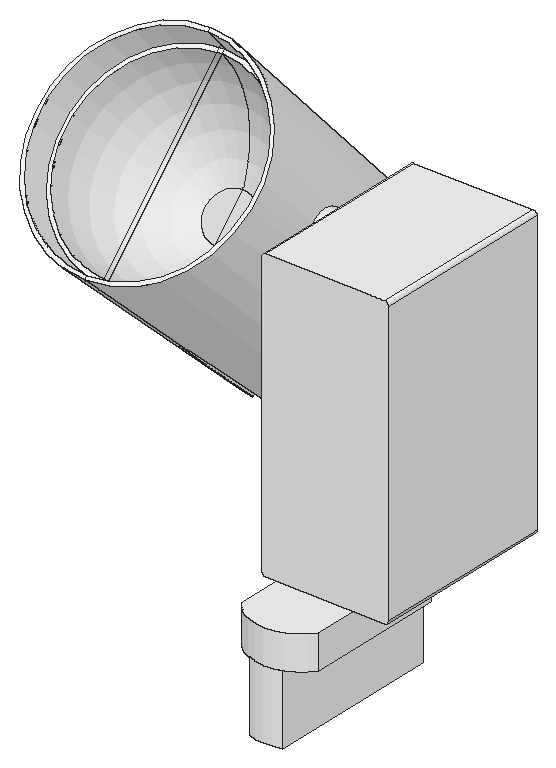
Revit family "0004934 Feilo Sylvania Lighting Fixture START TRACK SPOT S DALI 2087LM 940 WB WHT", category Lighting Fixtures, host Face, Revit 2017 (continued)
Definition of nested family "Start Track Spot Head"
  Types (96, lengths in mm): name | Wattage | built-in parameter 1150134 | Photometric Web File | Model | built-in parameter 1150105 | Lumens | built-in parameter 1150107 | built-in parameter 1150106 | HeadThickness_FEILO | HeadRibOffset_FEILO | HeadRibDepth_FEILO | HeadRibCutWidth_FEILO | HeadRibCutOffset_FEILO | HeadReflectorRadius_FEILO | HeadReflectorOffset_FEILO | HeadLEDRadius_FEILO | HeadHeight_FEILO | HeadDiffusorOffset_FEILO | HeadDiaOut_FEILO | HeadDiaIn_FEILO | HeadAxisFromTop_FEILO | Emit from Circle Diameter | built-in parameter 1150104 | Description | Apparent Load
    0004864 START TRACK SPOT S 24W 3K RA90 WB WHITE | 24 W | (empty or 0) | "0004864.ies" | "START TRACK SPOT S 24W 3K RA90 WB WHITE" | 152.79 (stored number, unit not read) | 1920 lm | 3000 (stored number, unit not read) | 1.5279 (stored number, unit not read) | 1.5 | 4.179 | 55.714 | 7.167 | 50.87 | 50.588 | 55.714 | 9.556 | 117 | 9.435 | 86 | 77.477 | 69.354 | 77.477 | 7.4322 (stored number, unit not read) | "Integrated LED spotlight, Textured White - RAL9016, compact and minimalist design, ideal for retail applications, die-cast aluminium body, passive cooling heatsink. Beam angle: 64°, color temperature: 3000K , total system power: 24W, total fixture output: 1928 lm, LOR: 100%, colour rendering: Ra: 90 typical, LED Chromaticity: 3 step MacAdam ellipse, lifetime: >50000 hours at L70B50, energy class: A++, A+, A, IR/UV free light source without heat radiation, operating voltage: 220-240V / 50-60Hz, drive current: 600mA, electronic driver, non-dimmable, power factor: 0.95, electrical protection: Class II, Global Track 3 Phase adapter suitable for Global trac 3-circuit tracks, ingress protection rating: IP20, suitable for internal environment only, horizontal rotation: 355°, vertical tilt: 90°, dimensions: Ø86x140x200, weight: 0.966kg." | 24 VA
    0004863 START TRACK SPOT S 24W 3K RA90 MB WHITE | 24 W | (empty or 0) | "0004863.ies" | "START TRACK SPOT S 24W 3K RA90 MB WHITE" | 154.7 (stored number, unit not read) | 1944 lm | 3000 (stored number, unit not read) | 1.547 (stored number, unit not read) | 1.5 | 4.179 | 55.714 | 7.167 | 50.87 | 50.588 | 55.714 | 9.556 | 117 | 9.435 | 86 | 77.477 | 69.354 | 77.477 | 7.5251 (stored number, unit not read) | "Integrated LED spotlight, Textured White - RAL9016, compact and minimalist design, ideal for retail applications, die-cast aluminium body, passive cooling heatsink. Beam angle: 36°, color temperature: 3000K , total system power: 24W, total fixture output: 1944 lm, LOR: 100%, colour rendering: Ra: 90 typical, LED Chromaticity: 3 step MacAdam ellipse, lifetime: >50000 hours at L70B50, energy class: A++, A+, A, IR/UV free light source without heat radiation, operating voltage: 220-240V / 50-60Hz, drive current: 600mA, electronic driver, non-dimmable, power factor: 0.95, electrical protection: Class II, Global Track 3 Phase adapter suitable for Global trac 3-circuit tracks, ingress protection rating: IP20, suitable for internal environment only, horizontal rotation: 355°, vertical tilt: 90°, dimensions: Ø86x140x200, weight: 0.966kg." | 24 VA
    0004862 START TRACK SPOT S 24W 3K RA90 NB WHITE | 24 W | (empty or 0) | "0004862.ies" | "START TRACK SPOT S 24W 3K RA90 NB WHITE" | 158.52 (stored number, unit not read) | 1992 lm | 3000 (stored number, unit not read) | 1.5852 (stored number, unit not read) | 1.5 | 4.179 | 55.714 | 7.167 | 50.87 | 50.588 | 55.714 | 9.556 | 117 | 9.435 | 86 | 77.477 | 69.354 | 77.477 | 7.711 (stored number, unit not read) | "Integrated LED spotlight, Textured White - RAL9016, compact and minimalist design, ideal for retail applications, die-cast aluminium body, passive cooling heatsink. Beam angle: 12°, color temperature: 3000K , total system power: 24W, total fixture output: 1987 lm, LOR: 100%, colour rendering: Ra: 90 typical, LED Chromaticity: 3 step MacAdam ellipse, lifetime: >50000 hours at L70B50, energy class: A++, A+, A, IR/UV free light source without heat radiation, operating voltage: 220-240V / 50-60Hz, drive current: 600mA, electronic driver, non-dimmable, power factor: 0.95, electrical protection: Class II, Global Track 3 Phase adapter suitable for Global trac 3-circuit tracks, ingress protection rating: IP20, suitable for internal environment only, horizontal rotation: 355°, vertical tilt: 90°, dimensions: Ø86x140x200, weight: 0.966kg." | 24 VA
    0004861 START TRACK SPOT S 14W 3K RA90 WB WHITE | 14 W | (empty or 0) | "0004861.ies" | "START TRACK SPOT S 14W 3K RA90 WB WHITE" | 100.27 (stored number, unit not read) | 1260 lm | 3000 (stored number, unit not read) | 1.0027 (stored number, unit not read) | 1.5 | 4.179 | 55.714 | 7.167 | 50.87 | 50.588 | 55.714 | 9.556 | 117 | 9.435 | 86 | 77.477 | 69.354 | 77.477 | 8.3613 (stored number, unit not read) | "Integrated LED spotlight, Textured White - RAL9016, compact and minimalist design, ideal for retail applications, die-cast aluminium body, passive cooling heatsink. Beam angle: 64°, color temperature: 3000K , total system power: 14W, total fixture output: 1262 lm, LOR: 100%, colour rendering: Ra: 90 typical, LED Chromaticity: 3 step MacAdam ellipse, lifetime: >50000 hours at L70B50, energy class: A++, A+, A, IR/UV free light source without heat radiation, operating voltage: 220-240V / 50-60Hz, drive current: 350mA, electronic driver, non-dimmable, power factor: 0.92, electrical protection: Class II, Global Track 3 Phase adapter suitable for Global trac 3-circuit tracks, ingress protection rating: IP20, suitable for internal environment only, horizontal rotation: 355°, vertical tilt: 90°, dimensions: Ø86x140x200, weight: 0.940kg." | 14 VA
    0004860 START TRACK SPOT S 14W 3K RA90 MB WHITE | 14 W | (empty or 0) | "0004860.ies" | "START TRACK SPOT S 14W 3K RA90 MB WHITE" | 100.27 (stored number, unit not read) | 1260 lm | 3000 (stored number, unit not read) | 1.0027 (stored number, unit not read) | 1.5 | 4.179 | 55.714 | 7.167 | 50.87 | 50.588 | 55.714 | 9.556 | 117 | 9.435 | 86 | 77.477 | 69.354 | 77.477 | 8.3613 (stored number, unit not read) | "Integrated LED spotlight, Textured White - RAL9016, compact and minimalist design, ideal for retail applications, die-cast aluminium body, passive cooling heatsink. Beam angle: 36°, color temperature: 3000K , total system power: 14W, total fixture output: 1262 lm, LOR: 100%, colour rendering: Ra: 90 typical, LED Chromaticity: 3 step MacAdam ellipse, lifetime: >50000 hours at L70B50, energy class: A++, A+, A, IR/UV free light source without heat radiation, operating voltage: 220-240V / 50-60Hz, drive current: 350mA, electronic driver, non-dimmable, power factor: 0.92, electrical protection: Class II, Global Track 3 Phase adapter suitable for Global trac 3-circuit tracks, ingress protection rating: IP20, suitable for internal environment only, horizontal rotation: 355°, vertical tilt: 90°, dimensions: Ø86x140x200, weight: 0.940kg." | 14 VA
    0004859 START TRACK SPOT S 14W 3K RA90 NB WHITE | 14 W | (empty or 0) | "0004859.ies" | "START TRACK SPOT S 14W 3K RA90 NB WHITE" | 102.5 (stored number, unit not read) | 1288 lm | 3000 (stored number, unit not read) | 1.025 (stored number, unit not read) | 1.5 | 4.179 | 55.714 | 7.167 | 50.87 | 50.588 | 55.714 | 9.556 | 117 | 9.435 | 86 | 77.477 | 69.354 | 77.477 | 8.5471 (stored number, unit not read) | "Integrated LED spotlight, Textured White - RAL9016, compact and minimalist design, ideal for retail applications, die-cast aluminium body, passive cooling heatsink. Beam angle: 12°, color temperature: 3000K , total system power: 14W, total fixture output: 1284 lm, LOR: 100%, colour rendering: Ra: 90 typical, LED Chromaticity: 3 step MacAdam ellipse, lifetime: >50000 hours at L70B50, energy class: A++, A+, A, IR/UV free light source without heat radiation, operating voltage: 220-240V / 50-60Hz, drive current: 350mA, electronic driver, non-dimmable, power factor: 0.92, electrical protection: Class II, Global Track 3 Phase adapter suitable for Global trac 3-circuit tracks, ingress protection rating: IP20, suitable for internal environment only, horizontal rotation: 355°, vertical tilt: 90°, dimensions: Ø86x140x200, weight: 0.940kg." | 14 VA
    0004858 START TRACK SPOT L 55W 4K RA80 WB BLACK | 55 W | 12 | "0004858.ies" | "START TRACK SPOT L 55W 4K RA80 WB BLACK" | 424.55 (stored number, unit not read) | 5335 lm | 4000 (stored number, unit not read) | 4.2455 (stored number, unit not read) | 2 | 4.429 | 59.048 | 9.417 | 53.913 | 66.471 | 59.048 | 12.556 | 124 | 10 | 113 | 101.802 | 73.503 | 101.802 | 9.0116 (stored number, unit not read) | "Integrated LED spotlight, Textured Black - RAL9005, compact and minimalist design, ideal for retail applications, die-cast aluminium body, passive cooling heatsink. Beam angle: 52°, color temperature: 4000K , total system power: 55W, total fixture output: 5320 lm, LOR: 100%, colour rendering: Ra: 80 typical, LED Chromaticity: 3 step MacAdam ellipse, lifetime: >50000 hours at L70B50, energy class: A++, A+, A, IR/UV free light source without heat radiation, operating voltage: 220-240V / 50-60Hz, drive current: 1400mA, electronic driver, non-dimmable, power factor: 0.96, electrical protection: Class II, Global Track 3 Phase adapter suitable for Global trac 3-circuit tracks, ingress protection rating: IP20, suitable for internal environment only, horizontal rotation: 355°, vertical tilt: 90°, dimensions: Ø113x164x240, weight: 1.398kg." | 55 VA
    0004857 START TRACK SPOT L 55W 4K RA80 MB BLACK | 55 W | 12 | "0004857.ies" | "START TRACK SPOT L 55W 4K RA80 MB BLACK" | 428.92 (stored number, unit not read) | 5390 lm | 4000 (stored number, unit not read) | 4.2892 (stored number, unit not read) | 2 | 4.429 | 59.048 | 9.417 | 53.913 | 66.471 | 59.048 | 12.556 | 124 | 10 | 113 | 101.802 | 73.503 | 101.802 | 9.1045 (stored number, unit not read) | "Integrated LED spotlight, Textured Black - RAL9005, compact and minimalist design, ideal for retail applications, die-cast aluminium body, passive cooling heatsink. Beam angle: 38°, color temperature: 4000K , total system power: 55W, total fixture output: 5378 lm, LOR: 100%, colour rendering: Ra: 80 typical, LED Chromaticity: 3 step MacAdam ellipse, lifetime: >50000 hours at L70B50, energy class: A++, A+, A, IR/UV free light source without heat radiation, operating voltage: 220-240V / 50-60Hz, drive current: 1400mA, electronic driver, non-dimmable, power factor: 0.96, electrical protection: Class II, Global Track 3 Phase adapter suitable for Global trac 3-circuit tracks, ingress protection rating: IP20, suitable for internal environment only, horizontal rotation: 355°, vertical tilt: 90°, dimensions: Ø113x164x240, weight: 1.398kg." | 55 VA
    0004856 START TRACK SPOT L 55W 4K RA80 NB BLACK | 55 W | 12 | "0004856.ies" | "START TRACK SPOT L 55W 4K RA80 NB BLACK" | 433.3 (stored number, unit not read) | 5445 lm | 4000 (stored number, unit not read) | 4.333 (stored number, unit not read) | 2 | 4.429 | 59.048 | 9.417 | 53.913 | 66.471 | 59.048 | 12.556 | 124 | 10 | 113 | 101.802 | 73.503 | 101.802 | 9.1974 (stored number, unit not read) | "Integrated LED spotlight, Textured Black - RAL9005, compact and minimalist design, ideal for retail applications, die-cast aluminium body, passive cooling heatsink. Beam angle: 15°, color temperature: 4000K , total system power: 55W, total fixture output: 5426 lm, LOR: 100%, colour rendering: Ra: 80 typical, LED Chromaticity: 3 step MacAdam ellipse, lifetime: >50000 hours at L70B50, energy class: A++, A+, A, IR/UV free light source without heat radiation, operating voltage: 220-240V / 50-60Hz, drive current: 1400mA, electronic driver, non-dimmable, power factor: 0.96, electrical protection: Class II, Global Track 3 Phase adapter suitable for Global trac 3-circuit tracks, ingress protection rating: IP20, suitable for internal environment only, horizontal rotation: 355°, vertical tilt: 90°, dimensions: Ø113x164x240, weight: 1.398kg." | 55 VA
    0004855 START TRACK SPOT L 35W 4K RA80 WB BLACK | 35 W | 12 | "0004855.ies" | "START TRACK SPOT L 35W 4K RA80 WB BLACK" | 320.3 (stored number, unit not read) | 4025 lm | 4000 (stored number, unit not read) | 3.203 (stored number, unit not read) | 2 | 4.429 | 59.048 | 9.417 | 53.913 | 66.471 | 59.048 | 12.556 | 124 | 10 | 113 | 101.802 | 73.503 | 101.802 | 10.684 (stored number, unit not read) | "Integrated LED spotlight, Textured Black - RAL9005, compact and minimalist design, ideal for retail applications, die-cast aluminium body, passive cooling heatsink. Beam angle: 52°, color temperature: 4000K , total system power: 35W, total fixture output: 4010 lm, LOR: 100%, colour rendering: Ra: 80 typical, LED Chromaticity: 3 step MacAdam ellipse, lifetime: >50000 hours at L70B50, energy class: A++, A+, A, IR/UV free light source without heat radiation, operating voltage: 220-240V / 50-60Hz, drive current: 900mA, electronic driver, non-dimmable, power factor: 0.93, electrical protection: Class II, Global Track 3 Phase adapter suitable for Global trac 3-circuit tracks, ingress protection rating: IP20, suitable for internal environment only, horizontal rotation: 355°, vertical tilt: 90°, dimensions: Ø113x164x240, weight: 1.368kg." | 35 VA
    0004854 START TRACK SPOT L 35W 4K RA80 MB BLACK | 35 W | 12 | "0004854.ies" | "START TRACK SPOT L 35W 4K RA80 MB BLACK" | 320.3 (stored number, unit not read) | 4025 lm | 4000 (stored number, unit not read) | 3.203 (stored number, unit not read) | 2 | 4.429 | 59.048 | 9.417 | 53.913 | 66.471 | 59.048 | 12.556 | 124 | 10 | 113 | 101.802 | 73.503 | 101.802 | 10.684 (stored number, unit not read) | "Integrated LED spotlight, Textured Black - RAL9005, compact and minimalist design, ideal for retail applications, die-cast aluminium body, passive cooling heatsink. Beam angle: 38°, color temperature: 4000K , total system power: 35W, total fixture output: 4017 lm, LOR: 100%, colour rendering: Ra: 80 typical, LED Chromaticity: 3 step MacAdam ellipse, lifetime: >50000 hours at L70B50, energy class: A++, A+, A, IR/UV free light source without heat radiation, operating voltage: 220-240V / 50-60Hz, drive current: 900mA, electronic driver, non-dimmable, power factor: 0.93, electrical protection: Class II, Global Track 3 Phase adapter suitable for Global trac 3-circuit tracks, ingress protection rating: IP20, suitable for internal environment only, horizontal rotation: 355°, vertical tilt: 90°, dimensions: Ø113x164x240, weight: 1.368kg." | 35 VA
    0004853 START TRACK SPOT L 35W 4K RA80 NB BLACK | 35 W | 12 | "0004853.ies" | "START TRACK SPOT L 35W 4K RA80 NB BLACK" | 331.44 (stored number, unit not read) | 4165 lm | 4000 (stored number, unit not read) | 3.3144 (stored number, unit not read) | 2 | 4.429 | 59.048 | 9.417 | 53.913 | 66.471 | 59.048 | 12.556 | 124 | 10 | 113 | 101.802 | 73.503 | 101.802 | 11.055 (stored number, unit not read) | "Integrated LED spotlight, Textured Black - RAL9005, compact and minimalist design, ideal for retail applications, die-cast aluminium body, passive cooling heatsink. Beam angle: 15°, color temperature: 4000K , total system power: 35W, total fixture output: 4174 lm, LOR: 100%, colour rendering: Ra: 80 typical, LED Chromaticity: 3 step MacAdam ellipse, lifetime: >50000 hours at L70B50, energy class: A++, A+, A, IR/UV free light source without heat radiation, operating voltage: 220-240V / 50-60Hz, drive current: 900mA, electronic driver, non-dimmable, power factor: 0.93, electrical protection: Class II, Global Track 3 Phase adapter suitable for Global trac 3-circuit tracks, ingress protection rating: IP20, suitable for internal environment only, horizontal rotation: 355°, vertical tilt: 90°, dimensions: Ø113x164x240, weight: 1.368kg." | 35 VA
    0004852 START TRACK SPOT S 24W 4K RA80 WB BLACK | 24 W | 12 | "0004852.ies" | "START TRACK SPOT S 24W 4K RA80 WB BLACK" | 196.72 (stored number, unit not read) | 2472 lm | 4000 (stored number, unit not read) | 1.9672 (stored number, unit not read) | 1.5 | 4.179 | 55.714 | 7.167 | 50.87 | 50.588 | 55.714 | 9.556 | 117 | 9.435 | 86 | 77.477 | 69.354 | 77.477 | 9.569 (stored number, unit not read) | "Integrated LED spotlight, Textured Black - RAL9005, compact and minimalist design, ideal for retail applications, die-cast aluminium body, passive cooling heatsink. Beam angle: 64°, color temperature: 4000K , total system power: 24W, total fixture output: 2476 lm, LOR: 100%, colour rendering: Ra: 80 typical, LED Chromaticity: 3 step MacAdam ellipse, lifetime: >50000 hours at L70B50, energy class: A++, A+, A, IR/UV free light source without heat radiation, operating voltage: 220-240V / 50-60Hz, drive current: 600mA, electronic driver, non-dimmable, power factor: 0.95, electrical protection: Class II, Global Track 3 Phase adapter suitable for Global trac 3-circuit tracks, ingress protection rating: IP20, suitable for internal environment only, horizontal rotation: 355°, vertical tilt: 90°, dimensions: Ø86x140x200, weight: 0.966kg." | 24 VA
    0004851 START TRACK SPOT S 24W 4K RA80 MB BLACK | 24 W | 12 | "0004851.ies" | "START TRACK SPOT S 24W 4K RA80 MB BLACK" | 198.63 (stored number, unit not read) | 2496 lm | 4000 (stored number, unit not read) | 1.9863 (stored number, unit not read) | 1.5 | 4.179 | 55.714 | 7.167 | 50.87 | 50.588 | 55.714 | 9.556 | 117 | 9.435 | 86 | 77.477 | 69.354 | 77.477 | 9.6619 (stored number, unit not read) | "Integrated LED spotlight, Textured Black - RAL9005, compact and minimalist design, ideal for retail applications, die-cast aluminium body, passive cooling heatsink. Beam angle: 36°, color temperature: 4000K , total system power: 24W, total fixture output: 2487 lm, LOR: 100%, colour rendering: Ra: 80 typical, LED Chromaticity: 3 step MacAdam ellipse, lifetime: >50000 hours at L70B50, energy class: A++, A+, A, IR/UV free light source without heat radiation, operating voltage: 220-240V / 50-60Hz, drive current: 600mA, electronic driver, non-dimmable, power factor: 0.95, electrical protection: Class II, Global Track 3 Phase adapter suitable for Global trac 3-circuit tracks, ingress protection rating: IP20, suitable for internal environment only, horizontal rotation: 355°, vertical tilt: 90°, dimensions: Ø86x140x200, weight: 0.966kg." | 24 VA
    0004850 START TRACK SPOT S 24W 4K RA80 NB BLACK | 24 W | 12 | "0004850.ies" | "START TRACK SPOT S 24W 4K RA80 NB BLACK" | 200.54 (stored number, unit not read) | 2520 lm | 4000 (stored number, unit not read) | 2.0054 (stored number, unit not read) | 1.5 | 4.179 | 55.714 | 7.167 | 50.87 | 50.588 | 55.714 | 9.556 | 117 | 9.435 | 86 | 77.477 | 69.354 | 77.477 | 9.7548 (stored number, unit not read) | "Integrated LED spotlight, Textured Black - RAL9005, compact and minimalist design, ideal for retail applications, die-cast aluminium body, passive cooling heatsink. Beam angle: 12°, color temperature: 4000K , total system power: 24W, total fixture output: 2529 lm, LOR: 100%, colour rendering: Ra: 80 typical, LED Chromaticity: 3 step MacAdam ellipse, lifetime: >50000 hours at L70B50, energy class: A++, A+, A, IR/UV free light source without heat radiation, operating voltage: 220-240V / 50-60Hz, drive current: 600mA, electronic driver, non-dimmable, power factor: 0.95, electrical protection: Class II, Global Track 3 Phase adapter suitable for Global trac 3-circuit tracks, ingress protection rating: IP20, suitable for internal environment only, horizontal rotation: 355°, vertical tilt: 90°, dimensions: Ø86x140x200, weight: 0.966kg." | 24 VA
    0004849 START TRACK SPOT S 14W 4K RA80 WB BLACK | 14 W | 12 | "0004849.ies" | "START TRACK SPOT S 14W 4K RA80 WB BLACK" | 123.66 (stored number, unit not read) | 1554 lm | 4000 (stored number, unit not read) | 1.2366 (stored number, unit not read) | 1.5 | 4.179 | 55.714 | 7.167 | 50.87 | 50.588 | 55.714 | 9.556 | 117 | 9.435 | 86 | 77.477 | 69.354 | 77.477 | 10.312 (stored number, unit not read) | "Integrated LED spotlight, Textured Black - RAL9005, compact and minimalist design, ideal for retail applications, die-cast aluminium body, passive cooling heatsink. Beam angle: 64°, color temperature: 4000K , total system power: 14W, total fixture output: 1558 lm, LOR: 100%, colour rendering: Ra: 80 typical, LED Chromaticity: 3 step MacAdam ellipse, lifetime: >50000 hours at L70B50, energy class: A++, A+, A, IR/UV free light source without heat radiation, operating voltage: 220-240V / 50-60Hz, drive current: 350mA, electronic driver, non-dimmable, power factor: 0.92, electrical protection: Class II, Global Track 3 Phase adapter suitable for Global trac 3-circuit tracks, ingress protection rating: IP20, suitable for internal environment only, horizontal rotation: 355°, vertical tilt: 90°, dimensions: Ø86x140x200, weight: 0.940kg." | 14 VA
    0004848 START TRACK SPOT S 14W 4K RA80 MB BLACK | 14 W | 12 | "0004848.ies" | "START TRACK SPOT S 14W 4K RA80 MB BLACK" | 127.01 (stored number, unit not read) | 1596 lm | 4000 (stored number, unit not read) | 1.2701 (stored number, unit not read) | 1.5 | 4.179 | 55.714 | 7.167 | 50.87 | 50.588 | 55.714 | 9.556 | 117 | 9.435 | 86 | 77.477 | 69.354 | 77.477 | 10.591 (stored number, unit not read) | "Integrated LED spotlight, Textured Black - RAL9005, compact and minimalist design, ideal for retail applications, die-cast aluminium body, passive cooling heatsink. Beam angle: 36°, color temperature: 4000K , total system power: 14W, total fixture output: 1598 lm, LOR: 100%, colour rendering: Ra: 80 typical, LED Chromaticity: 3 step MacAdam ellipse, lifetime: >50000 hours at L70B50, energy class: A++, A+, A, IR/UV free light source without heat radiation, operating voltage: 220-240V / 50-60Hz, drive current: 350mA, electronic driver, non-dimmable, power factor: 0.92, electrical protection: Class II, Global Track 3 Phase adapter suitable for Global trac 3-circuit tracks, ingress protection rating: IP20, suitable for internal environment only, horizontal rotation: 355°, vertical tilt: 90°, dimensions: Ø86x140x200, weight: 0.940kg." | 14 VA
    0004847 START TRACK SPOT S 14W 4K RA80 NB BLACK | 14 W | 12 | "0004847.ies" | "START TRACK SPOT S 14W 4K RA80 NB BLACK" | 128.12 (stored number, unit not read) | 1610 lm | 4000 (stored number, unit not read) | 1.2812 (stored number, unit not read) | 1.5 | 4.179 | 55.714 | 7.167 | 50.87 | 50.588 | 55.714 | 9.556 | 117 | 9.435 | 86 | 77.477 | 69.354 | 77.477 | 10.684 (stored number, unit not read) | "Integrated LED spotlight, Textured Black - RAL9005, compact and minimalist design, ideal for retail applications, die-cast aluminium body, passive cooling heatsink. Beam angle: 12°, color temperature: 4000K , total system power: 14W, total fixture output: 1608 lm, LOR: 100%, colour rendering: Ra: 80 typical, LED Chromaticity: 3 step MacAdam ellipse, lifetime: >50000 hours at L70B50, energy class: A++, A+, A, IR/UV free light source without heat radiation, operating voltage: 220-240V / 50-60Hz, drive current: 350mA, electronic driver, non-dimmable, power factor: 0.92, electrical protection: Class II, Global Track 3 Phase adapter suitable for Global trac 3-circuit tracks, ingress protection rating: IP20, suitable for internal environment only, horizontal rotation: 355°, vertical tilt: 90°, dimensions: Ø86x140x200, weight: 0.940kg." | 14 VA
    0004846 START TRACK SPOT L 55W 3K RA80 WB BLACK | 55 W | (empty or 0) | "0004846.ies" | "START TRACK SPOT L 55W 3K RA80 WB BLACK" | 420.17 (stored number, unit not read) | 5280 lm | 3000 (stored number, unit not read) | 4.2017 (stored number, unit not read) | 2 | 4.429 | 59.048 | 9.417 | 53.913 | 66.471 | 59.048 | 12.556 | 124 | 10 | 113 | 101.802 | 73.503 | 101.802 | 8.9187 (stored number, unit not read) | "Integrated LED spotlight, Textured Black - RAL9005, compact and minimalist design, ideal for retail applications, die-cast aluminium body, passive cooling heatsink. Beam angle: 52°, color temperature: 3000K , total system power: 55W, total fixture output: 5298 lm, LOR: 100%, colour rendering: Ra: 80 typical, LED Chromaticity: 3 step MacAdam ellipse, lifetime: >50000 hours at L70B50, energy class: A++, A+, A, IR/UV free light source without heat radiation, operating voltage: 220-240V / 50-60Hz, drive current: 1400mA, electronic driver, non-dimmable, power factor: 0.96, electrical protection: Class II, Global Track 3 Phase adapter suitable for Global trac 3-circuit tracks, ingress protection rating: IP20, suitable for internal environment only, horizontal rotation: 355°, vertical tilt: 90°, dimensions: Ø113x164x240, weight: 1.398kg." | 55 VA
    0004845 START TRACK SPOT L 55W 3K RA80 MB BLACK | 55 W | (empty or 0) | "0004845.ies" | "START TRACK SPOT L 55W 3K RA80 MB BLACK" | 428.92 (stored number, unit not read) | 5390 lm | 3000 (stored number, unit not read) | 4.2892 (stored number, unit not read) | 2 | 4.429 | 59.048 | 9.417 | 53.913 | 66.471 | 59.048 | 12.556 | 124 | 10 | 113 | 101.802 | 73.503 | 101.802 | 9.1045 (stored number, unit not read) | "Integrated LED spotlight, Textured Black - RAL9005, compact and minimalist design, ideal for retail applications, die-cast aluminium body, passive cooling heatsink. Beam angle: 38°, color temperature: 3000K , total system power: 55W, total fixture output: 5381 lm, LOR: 100%, colour rendering: Ra: 80 typical, LED Chromaticity: 3 step MacAdam ellipse, lifetime: >50000 hours at L70B50, energy class: A++, A+, A, IR/UV free light source without heat radiation, operating voltage: 220-240V / 50-60Hz, drive current: 1400mA, electronic driver, non-dimmable, power factor: 0.96, electrical protection: Class II, Global Track 3 Phase adapter suitable for Global trac 3-circuit tracks, ingress protection rating: IP20, suitable for internal environment only, horizontal rotation: 355°, vertical tilt: 90°, dimensions: Ø113x164x240, weight: 1.398kg." | 55 VA
    0004844 START TRACK SPOT L 55W 3K RA80 NB BLACK | 55 W | (empty or 0) | "0004844.ies" | "START TRACK SPOT L 55W 3K RA80 NB BLACK" | 433.3 (stored number, unit not read) | 5445 lm | 3000 (stored number, unit not read) | 4.333 (stored number, unit not read) | 2 | 4.429 | 59.048 | 9.417 | 53.913 | 66.471 | 59.048 | 12.556 | 124 | 10 | 113 | 101.802 | 73.503 | 101.802 | 9.1974 (stored number, unit not read) | "Integrated LED spotlight, Textured Black - RAL9005, compact and minimalist design, ideal for retail applications, die-cast aluminium body, passive cooling heatsink. Beam angle: 15°, color temperature: 3000K , total system power: 55W, total fixture output: 5449 lm, LOR: 100%, colour rendering: Ra: 80 typical, LED Chromaticity: 3 step MacAdam ellipse, lifetime: >50000 hours at L70B50, energy class: A++, A+, A, IR/UV free light source without heat radiation, operating voltage: 220-240V / 50-60Hz, drive current: 1400mA, electronic driver, non-dimmable, power factor: 0.96, electrical protection: Class II, Global Track 3 Phase adapter suitable for Global trac 3-circuit tracks, ingress protection rating: IP20, suitable for internal environment only, horizontal rotation: 355°, vertical tilt: 90°, dimensions: Ø113x164x240, weight: 1.398kg." | 55 VA
    0004843 START TRACK SPOT L 35W 3K RA80 WB BLACK | 35 W | (empty or 0) | "0004843.ies" | "START TRACK SPOT L 35W 3K RA80 WB BLACK" | 314.73 (stored number, unit not read) | 3955 lm | 3000 (stored number, unit not read) | 3.1473 (stored number, unit not read) | 2 | 4.429 | 59.048 | 9.417 | 53.913 | 66.471 | 59.048 | 12.556 | 124 | 10 | 113 | 101.802 | 73.503 | 101.802 | 10.498 (stored number, unit not read) | "Integrated LED spotlight, Textured Black - RAL9005, compact and minimalist design, ideal for retail applications, die-cast aluminium body, passive cooling heatsink. Beam angle: 52°, color temperature: 3000K , total system power: 35W, total fixture output: 3943 lm, LOR: 100%, colour rendering: Ra: 80 typical, LED Chromaticity: 3 step MacAdam ellipse, lifetime: >50000 hours at L70B50, energy class: A++, A+, A, IR/UV free light source without heat radiation, operating voltage: 220-240V / 50-60Hz, drive current: 900mA, electronic driver, non-dimmable, power factor: 0.93, electrical protection: Class II, Global Track 3 Phase adapter suitable for Global trac 3-circuit tracks, ingress protection rating: IP20, suitable for internal environment only, horizontal rotation: 355°, vertical tilt: 90°, dimensions: Ø113x164x240, weight: 1.368kg." | 35 VA
    0004842 START TRACK SPOT L 35W 3K RA80 MB BLACK | 35 W | (empty or 0) | "0004842.ies" | "START TRACK SPOT L 35W 3K RA80 MB BLACK" | 320.3 (stored number, unit not read) | 4025 lm | 3000 (stored number, unit not read) | 3.203 (stored number, unit not read) | 2 | 4.429 | 59.048 | 9.417 | 53.913 | 66.471 | 59.048 | 12.556 | 124 | 10 | 113 | 101.802 | 73.503 | 101.802 | 10.684 (stored number, unit not read) | "Integrated LED spotlight, Textured Black - RAL9005, compact and minimalist design, ideal for retail applications, die-cast aluminium body, passive cooling heatsink. Beam angle: 38°, color temperature: 3000K , total system power: 35W, total fixture output: 4008 lm, LOR: 100%, colour rendering: Ra: 80 typical, LED Chromaticity: 3 step MacAdam ellipse, lifetime: >50000 hours at L70B50, energy class: A++, A+, A, IR/UV free light source without heat radiation, operating voltage: 220-240V / 50-60Hz, drive current: 900mA, electronic driver, non-dimmable, power factor: 0.93, electrical protection: Class II, Global Track 3 Phase adapter suitable for Global trac 3-circuit tracks, ingress protection rating: IP20, suitable for internal environment only, horizontal rotation: 355°, vertical tilt: 90°, dimensions: Ø113x164x240, weight: 1.368kg." | 35 VA
    0004841 START TRACK SPOT L 35W 3K RA80 NB BLACK | 35 W | (empty or 0) | "0004841.ies" | "START TRACK SPOT L 35W 3K RA80 NB BLACK" | 317.51 (stored number, unit not read) | 3990 lm | 3000 (stored number, unit not read) | 3.1751 (stored number, unit not read) | 2 | 4.429 | 59.048 | 9.417 | 53.913 | 66.471 | 59.048 | 12.556 | 124 | 10 | 113 | 101.802 | 73.503 | 101.802 | 10.591 (stored number, unit not read) | "Integrated LED spotlight, Textured Black - RAL9005, compact and minimalist design, ideal for retail applications, die-cast aluminium body, passive cooling heatsink. Beam angle: 15°, color temperature: 3000K , total system power: 35W, total fixture output: 4005 lm, LOR: 100%, colour rendering: Ra: 80 typical, LED Chromaticity: 3 step MacAdam ellipse, lifetime: >50000 hours at L70B50, energy class: A++, A+, A, IR/UV free light source without heat radiation, operating voltage: 220-240V / 50-60Hz, drive current: 900mA, electronic driver, non-dimmable, power factor: 0.93, electrical protection: Class II, Global Track 3 Phase adapter suitable for Global trac 3-circuit tracks, ingress protection rating: IP20, suitable for internal environment only, horizontal rotation: 355°, vertical tilt: 90°, dimensions: Ø113x164x240, weight: 1.368kg." | 35 VA
    0004840 START TRACK SPOT S 24W 3K RA80 WB BLACK | 24 W | (empty or 0) | "0004840.ies" | "START TRACK SPOT S 24W 3K RA80 WB BLACK" | 185.26 (stored number, unit not read) | 2328 lm | 3000 (stored number, unit not read) | 1.8526 (stored number, unit not read) | 1.5 | 4.179 | 55.714 | 7.167 | 50.87 | 50.588 | 55.714 | 9.556 | 117 | 9.435 | 86 | 77.477 | 69.354 | 77.477 | 9.0116 (stored number, unit not read) | "Integrated LED spotlight, Textured Black - RAL9005, compact and minimalist design, ideal for retail applications, die-cast aluminium body, passive cooling heatsink. Beam angle: 64°, color temperature: 3000K , total system power: 24W, total fixture output: 2318 lm, LOR: 100%, colour rendering: Ra: 80 typical, LED Chromaticity: 3 step MacAdam ellipse, lifetime: >50000 hours at L70B50, energy class: A++, A+, A, IR/UV free light source without heat radiation, operating voltage: 220-240V / 50-60Hz, drive current: 600mA, electronic driver, non-dimmable, power factor: 0.95, electrical protection: Class II, Global Track 3 Phase adapter suitable for Global trac 3-circuit tracks, ingress protection rating: IP20, suitable for internal environment only, horizontal rotation: 355°, vertical tilt: 90°, dimensions: Ø86x140x200, weight: 0.966kg." | 24 VA
    0004839 START TRACK SPOT S 24W 3K RA80 MB BLACK | 24 W | (empty or 0) | "0004839.ies" | "START TRACK SPOT S 24W 3K RA80 MB BLACK" | 183.35 (stored number, unit not read) | 2304 lm | 3000 (stored number, unit not read) | 1.8335 (stored number, unit not read) | 1.5 | 4.179 | 55.714 | 7.167 | 50.87 | 50.588 | 55.714 | 9.556 | 117 | 9.435 | 86 | 77.477 | 69.354 | 77.477 | 8.9187 (stored number, unit not read) | "Integrated LED spotlight, Textured Black - RAL9005, compact and minimalist design, ideal for retail applications, die-cast aluminium body, passive cooling heatsink. Beam angle: 36°, color temperature: 3000K , total system power: 24W, total fixture output: 2314 lm, LOR: 100%, colour rendering: Ra: 80 typical, LED Chromaticity: 3 step MacAdam ellipse, lifetime: >50000 hours at L70B50, energy class: A++, A+, A, IR/UV free light source without heat radiation, operating voltage: 220-240V / 50-60Hz, drive current: 600mA, electronic driver, non-dimmable, power factor: 0.95, electrical protection: Class II, Global Track 3 Phase adapter suitable for Global trac 3-circuit tracks, ingress protection rating: IP20, suitable for internal environment only, horizontal rotation: 355°, vertical tilt: 90°, dimensions: Ø86x140x200, weight: 0.966kg." | 24 VA
    0004838 START TRACK SPOT S 24W 3K RA80 NB BLACK | 24 W | (empty or 0) | "0004838.ies" | "START TRACK SPOT S 24W 3K RA80 NB BLACK" | 185.26 (stored number, unit not read) | 2328 lm | 3000 (stored number, unit not read) | 1.8526 (stored number, unit not read) | 1.5 | 4.179 | 55.714 | 7.167 | 50.87 | 50.588 | 55.714 | 9.556 | 117 | 9.435 | 86 | 77.477 | 69.354 | 77.477 | 9.0116 (stored number, unit not read) | "Integrated LED spotlight, Textured Black - RAL9005, compact and minimalist design, ideal for retail applications, die-cast aluminium body, passive cooling heatsink. Beam angle: 12°, color temperature: 3000K , total system power: 24W, total fixture output: 2334 lm, LOR: 100%, colour rendering: Ra: 80 typical, LED Chromaticity: 3 step MacAdam ellipse, lifetime: >50000 hours at L70B50, energy class: A++, A+, A, IR/UV free light source without heat radiation, operating voltage: 220-240V / 50-60Hz, drive current: 600mA, electronic driver, non-dimmable, power factor: 0.95, electrical protection: Class II, Global Track 3 Phase adapter suitable for Global trac 3-circuit tracks, ingress protection rating: IP20, suitable for internal environment only, horizontal rotation: 355°, vertical tilt: 90°, dimensions: Ø86x140x200, weight: 0.966kg." | 24 VA
    0004837 START TRACK SPOT S 14W 3K RA80 WB BLACK | 14 W | (empty or 0) | "0004837.ies" | "START TRACK SPOT S 14W 3K RA80 WB BLACK" | 119.21 (stored number, unit not read) | 1498 lm | 3000 (stored number, unit not read) | 1.1921 (stored number, unit not read) | 1.5 | 4.179 | 55.714 | 7.167 | 50.87 | 50.588 | 55.714 | 9.556 | 117 | 9.435 | 86 | 77.477 | 69.354 | 77.477 | 9.9406 (stored number, unit not read) | "Integrated LED spotlight, Textured Black - RAL9005, compact and minimalist design, ideal for retail applications, die-cast aluminium body, passive cooling heatsink. Beam angle: 64°, color temperature: 3000K , total system power: 14W, total fixture output: 1498 lm, LOR: 100%, colour rendering: Ra: 80 typical, LED Chromaticity: 3 step MacAdam ellipse, lifetime: >50000 hours at L70B50, energy class: A++, A+, A, IR/UV free light source without heat radiation, operating voltage: 220-240V / 50-60Hz, drive current: 350mA, electronic driver, non-dimmable, power factor: 0.92, electrical protection: Class II, Global Track 3 Phase adapter suitable for Global trac 3-circuit tracks, ingress protection rating: IP20, suitable for internal environment only, horizontal rotation: 355°, vertical tilt: 90°, dimensions: Ø86x140x200, weight: 0.940kg." | 14 VA
    0004836 START TRACK SPOT S 14W 3K RA80 MB BLACK | 14 W | (empty or 0) | "0004836.ies" | "START TRACK SPOT S 14W 3K RA80 MB BLACK" | 120.32 (stored number, unit not read) | 1512 lm | 3000 (stored number, unit not read) | 1.2032 (stored number, unit not read) | 1.5 | 4.179 | 55.714 | 7.167 | 50.87 | 50.588 | 55.714 | 9.556 | 117 | 9.435 | 86 | 77.477 | 69.354 | 77.477 | 10.034 (stored number, unit not read) | "Integrated LED spotlight, Textured Black - RAL9005, compact and minimalist design, ideal for retail applications, die-cast aluminium body, passive cooling heatsink. Beam angle: 36°, color temperature: 3000K , total system power: 14W, total fixture output: 1508 lm, LOR: 100%, colour rendering: Ra: 80 typical, LED Chromaticity: 3 step MacAdam ellipse, lifetime: >50000 hours at L70B50, energy class: A++, A+, A, IR/UV free light source without heat radiation, operating voltage: 220-240V / 50-60Hz, drive current: 350mA, electronic driver, non-dimmable, power factor: 0.92, electrical protection: Class II, Global Track 3 Phase adapter suitable for Global trac 3-circuit tracks, ingress protection rating: IP20, suitable for internal environment only, horizontal rotation: 355°, vertical tilt: 90°, dimensions: Ø86x140x200, weight: 0.940kg." | 14 VA
    0004835 START TRACK SPOT S 14W 3K RA80 NB BLACK | 14 W | (empty or 0) | "0004835.ies" | "START TRACK SPOT S 14W 3K RA80 NB BLACK" | 123.66 (stored number, unit not read) | 1554 lm | 3000 (stored number, unit not read) | 1.2366 (stored number, unit not read) | 1.5 | 4.179 | 55.714 | 7.167 | 50.87 | 50.588 | 55.714 | 9.556 | 117 | 9.435 | 86 | 77.477 | 69.354 | 77.477 | 10.312 (stored number, unit not read) | "Integrated LED spotlight, Textured Black - RAL9005, compact and minimalist design, ideal for retail applications, die-cast aluminium body, passive cooling heatsink. Beam angle: 12°, color temperature: 3000K , total system power: 14W, total fixture output: 1551 lm, LOR: 100%, colour rendering: Ra: 80 typical, LED Chromaticity: 3 step MacAdam ellipse, lifetime: >50000 hours at L70B50, energy class: A++, A+, A, IR/UV free light source without heat radiation, operating voltage: 220-240V / 50-60Hz, drive current: 350mA, electronic driver, non-dimmable, power factor: 0.92, electrical protection: Class II, Global Track 3 Phase adapter suitable for Global trac 3-circuit tracks, ingress protection rating: IP20, suitable for internal environment only, horizontal rotation: 355°, vertical tilt: 90°, dimensions: Ø86x140x200, weight: 0.940kg." | 14 VA
    0004834 START TRACK SPOT L 55W 4K RA80 WB WHITE | 55 W | 12 | "0004834.ies" | "START TRACK SPOT L 55W 4K RA80 WB WHITE" | 424.55 (stored number, unit not read) | 5335 lm | 4000 (stored number, unit not read) | 4.2455 (stored number, unit not read) | 2 | 4.429 | 59.048 | 9.417 | 53.913 | 66.471 | 59.048 | 12.556 | 124 | 10 | 113 | 101.802 | 73.503 | 101.802 | 9.0116 (stored number, unit not read) | "Integrated LED spotlight, Textured White - RAL9016, compact and minimalist design, ideal for retail applications, die-cast aluminium body, passive cooling heatsink. Beam angle: 52°, color temperature: 4000K , total system power: 55W, total fixture output: 5320 lm, LOR: 100%, colour rendering: Ra: 80 typical, LED Chromaticity: 3 step MacAdam ellipse, lifetime: >50000 hours at L70B50, energy class: A++, A+, A, IR/UV free light source without heat radiation, operating voltage: 220-240V / 50-60Hz, drive current: 1400mA, electronic driver, non-dimmable, power factor: 0.96, electrical protection: Class II, Global Track 3 Phase adapter suitable for Global trac 3-circuit tracks, ingress protection rating: IP20, suitable for internal environment only, horizontal rotation: 355°, vertical tilt: 90°, dimensions: Ø113x164x240, weight: 1.398kg." | 55 VA
    0004833 START TRACK SPOT L 55W 4K RA80 MB WHITE | 55 W | 12 | "0004833.ies" | "START TRACK SPOT L 55W 4K RA80 MB WHITE" | 428.92 (stored number, unit not read) | 5390 lm | 4000 (stored number, unit not read) | 4.2892 (stored number, unit not read) | 2 | 4.429 | 59.048 | 9.417 | 53.913 | 66.471 | 59.048 | 12.556 | 124 | 10 | 113 | 101.802 | 73.503 | 101.802 | 9.1045 (stored number, unit not read) | "Integrated LED spotlight, Textured White - RAL9016, compact and minimalist design, ideal for retail applications, die-cast aluminium body, passive cooling heatsink. Beam angle: 38°, color temperature: 4000K , total system power: 55W, total fixture output: 5378 lm, LOR: 100%, colour rendering: Ra: 80 typical, LED Chromaticity: 3 step MacAdam ellipse, lifetime: >50000 hours at L70B50, energy class: A++, A+, A, IR/UV free light source without heat radiation, operating voltage: 220-240V / 50-60Hz, drive current: 1400mA, electronic driver, non-dimmable, power factor: 0.96, electrical protection: Class II, Global Track 3 Phase adapter suitable for Global trac 3-circuit tracks, ingress protection rating: IP20, suitable for internal environment only, horizontal rotation: 355°, vertical tilt: 90°, dimensions: Ø113x164x240, weight: 1.398kg." | 55 VA
    0004832 START TRACK SPOT L 55W 4K RA80 NB WHITE | 55 W | 12 | "0004832.ies" | "START TRACK SPOT L 55W 4K RA80 NB WHITE" | 433.3 (stored number, unit not read) | 5445 lm | 4000 (stored number, unit not read) | 4.333 (stored number, unit not read) | 2 | 4.429 | 59.048 | 9.417 | 53.913 | 66.471 | 59.048 | 12.556 | 124 | 10 | 113 | 101.802 | 73.503 | 101.802 | 9.1974 (stored number, unit not read) | "Integrated LED spotlight, Textured White - RAL9016, compact and minimalist design, ideal for retail applications, die-cast aluminium body, passive cooling heatsink. Beam angle: 15°, color temperature: 4000K , total system power: 55W, total fixture output: 5426 lm, LOR: 100%, colour rendering: Ra: 80 typical, LED Chromaticity: 3 step MacAdam ellipse, lifetime: >50000 hours at L70B50, energy class: A++, A+, A, IR/UV free light source without heat radiation, operating voltage: 220-240V / 50-60Hz, drive current: 1400mA, electronic driver, non-dimmable, power factor: 0.96, electrical protection: Class II, Global Track 3 Phase adapter suitable for Global trac 3-circuit tracks, ingress protection rating: IP20, suitable for internal environment only, horizontal rotation: 355°, vertical tilt: 90°, dimensions: Ø113x164x240, weight: 1.398kg." | 55 VA
    0004831 START TRACK SPOT L 35W 4K RA80 WB WHITE | 35 W | 12 | "0004831.ies" | "START TRACK SPOT L 35W 4K RA80 WB WHITE" | 320.3 (stored number, unit not read) | 4025 lm | 4000 (stored number, unit not read) | 3.203 (stored number, unit not read) | 2 | 4.429 | 59.048 | 9.417 | 53.913 | 66.471 | 59.048 | 12.556 | 124 | 10 | 113 | 101.802 | 73.503 | 101.802 | 10.684 (stored number, unit not read) | "Integrated LED spotlight, Textured White - RAL9016, compact and minimalist design, ideal for retail applications, die-cast aluminium body, passive cooling heatsink. Beam angle: 52°, color temperature: 4000K , total system power: 35W, total fixture output: 4010 lm, LOR: 100%, colour rendering: Ra: 80 typical, LED Chromaticity: 3 step MacAdam ellipse, lifetime: >50000 hours at L70B50, energy class: A++, A+, A, IR/UV free light source without heat radiation, operating voltage: 220-240V / 50-60Hz, drive current: 900mA, electronic driver, non-dimmable, power factor: 0.93, electrical protection: Class II, Global Track 3 Phase adapter suitable for Global trac 3-circuit tracks, ingress protection rating: IP20, suitable for internal environment only, horizontal rotation: 355°, vertical tilt: 90°, dimensions: Ø113x164x240, weight: 1.368kg." | 35 VA
    0004830 START TRACK SPOT L 35W 4K RA80 MB WHITE | 35 W | 12 | "0004830.ies" | "START TRACK SPOT L 35W 4K RA80 MB WHITE" | 320.3 (stored number, unit not read) | 4025 lm | 4000 (stored number, unit not read) | 3.203 (stored number, unit not read) | 2 | 4.429 | 59.048 | 9.417 | 53.913 | 66.471 | 59.048 | 12.556 | 124 | 10 | 113 | 101.802 | 73.503 | 101.802 | 10.684 (stored number, unit not read) | "Integrated LED spotlight, Textured White - RAL9016, compact and minimalist design, ideal for retail applications, die-cast aluminium body, passive cooling heatsink. Beam angle: 38°, color temperature: 4000K , total system power: 35W, total fixture output: 4017 lm, LOR: 100%, colour rendering: Ra: 80 typical, LED Chromaticity: 3 step MacAdam ellipse, lifetime: >50000 hours at L70B50, energy class: A++, A+, A, IR/UV free light source without heat radiation, operating voltage: 220-240V / 50-60Hz, drive current: 900mA, electronic driver, non-dimmable, power factor: 0.93, electrical protection: Class II, Global Track 3 Phase adapter suitable for Global trac 3-circuit tracks, ingress protection rating: IP20, suitable for internal environment only, horizontal rotation: 355°, vertical tilt: 90°, dimensions: Ø113x164x240, weight: 1.368kg." | 35 VA
    0004829 START TRACK SPOT L 35W 4K RA80 NB WHITE | 35 W | 12 | "0004829.ies" | "START TRACK SPOT L 35W 4K RA80 NB WHITE" | 331.44 (stored number, unit not read) | 4165 lm | 4000 (stored number, unit not read) | 3.3144 (stored number, unit not read) | 2 | 4.429 | 59.048 | 9.417 | 53.913 | 66.471 | 59.048 | 12.556 | 124 | 10 | 113 | 101.802 | 73.503 | 101.802 | 11.055 (stored number, unit not read) | "Integrated LED spotlight, Textured White - RAL9016, compact and minimalist design, ideal for retail applications, die-cast aluminium body, passive cooling heatsink. Beam angle: 15°, color temperature: 4000K , total system power: 35W, total fixture output: 4174 lm, LOR: 100%, colour rendering: Ra: 80 typical, LED Chromaticity: 3 step MacAdam ellipse, lifetime: >50000 hours at L70B50, energy class: A++, A+, A, IR/UV free light source without heat radiation, operating voltage: 220-240V / 50-60Hz, drive current: 900mA, electronic driver, non-dimmable, power factor: 0.93, electrical protection: Class II, Global Track 3 Phase adapter suitable for Global trac 3-circuit tracks, ingress protection rating: IP20, suitable for internal environment only, horizontal rotation: 355°, vertical tilt: 90°, dimensions: Ø113x164x240, weight: 1.368kg." | 35 VA
    0004828 START TRACK SPOT S 24W 4K RA80 WB WHITE | 24 W | 12 | "0004828.ies" | "START TRACK SPOT S 24W 4K RA80 WB WHITE" | 196.72 (stored number, unit not read) | 2472 lm | 4000 (stored number, unit not read) | 1.9672 (stored number, unit not read) | 1.5 | 4.179 | 55.714 | 7.167 | 50.87 | 50.588 | 55.714 | 9.556 | 117 | 9.435 | 86 | 77.477 | 69.354 | 77.477 | 9.569 (stored number, unit not read) | "Integrated LED spotlight, Textured White - RAL9016, compact and minimalist design, ideal for retail applications, die-cast aluminium body, passive cooling heatsink. Beam angle: 64°, color temperature: 4000K , total system power: 24W, total fixture output: 2476 lm, LOR: 100%, colour rendering: Ra: 80 typical, LED Chromaticity: 3 step MacAdam ellipse, lifetime: >50000 hours at L70B50, energy class: A++, A+, A, IR/UV free light source without heat radiation, operating voltage: 220-240V / 50-60Hz, drive current: 600mA, electronic driver, non-dimmable, power factor: 0.95, electrical protection: Class II, Global Track 3 Phase adapter suitable for Global trac 3-circuit tracks, ingress protection rating: IP20, suitable for internal environment only, horizontal rotation: 355°, vertical tilt: 90°, dimensions: Ø86x140x200, weight: 0.966kg." | 24 VA
    0004827 START TRACK SPOT S 24W 4K RA80 MB WHITE | 24 W | 12 | "0004827.ies" | "START TRACK SPOT S 24W 4K RA80 MB WHITE" | 198.63 (stored number, unit not read) | 2496 lm | 4000 (stored number, unit not read) | 1.9863 (stored number, unit not read) | 1.5 | 4.179 | 55.714 | 7.167 | 50.87 | 50.588 | 55.714 | 9.556 | 117 | 9.435 | 86 | 77.477 | 69.354 | 77.477 | 9.6619 (stored number, unit not read) | "Integrated LED spotlight, Textured White - RAL9016, compact and minimalist design, ideal for retail applications, die-cast aluminium body, passive cooling heatsink. Beam angle: 36°, color temperature: 4000K , total system power: 24W, total fixture output: 2487 lm, LOR: 100%, colour rendering: Ra: 80 typical, LED Chromaticity: 3 step MacAdam ellipse, lifetime: >50000 hours at L70B50, energy class: A++, A+, A, IR/UV free light source without heat radiation, operating voltage: 220-240V / 50-60Hz, drive current: 600mA, electronic driver, non-dimmable, power factor: 0.95, electrical protection: Class II, Global Track 3 Phase adapter suitable for Global trac 3-circuit tracks, ingress protection rating: IP20, suitable for internal environment only, horizontal rotation: 355°, vertical tilt: 90°, dimensions: Ø86x140x200, weight: 0.966kg." | 24 VA
    0004826 START TRACK SPOT S 24W 4K RA80 NB WHITE | 24 W | 12 | "0004826.ies" | "START TRACK SPOT S 24W 4K RA80 NB WHITE" | 200.54 (stored number, unit not read) | 2520 lm | 4000 (stored number, unit not read) | 2.0054 (stored number, unit not read) | 1.5 | 4.179 | 55.714 | 7.167 | 50.87 | 50.588 | 55.714 | 9.556 | 117 | 9.435 | 86 | 77.477 | 69.354 | 77.477 | 9.7548 (stored number, unit not read) | "Integrated LED spotlight, Textured White - RAL9016, compact and minimalist design, ideal for retail applications, die-cast aluminium body, passive cooling heatsink. Beam angle: 12°, color temperature: 4000K , total system power: 24W, total fixture output: 2529 lm, LOR: 100%, colour rendering: Ra: 80 typical, LED Chromaticity: 3 step MacAdam ellipse, lifetime: >50000 hours at L70B50, energy class: A++, A+, A, IR/UV free light source without heat radiation, operating voltage: 220-240V / 50-60Hz, drive current: 600mA, electronic driver, non-dimmable, power factor: 0.95, electrical protection: Class II, Global Track 3 Phase adapter suitable for Global trac 3-circuit tracks, ingress protection rating: IP20, suitable for internal environment only, horizontal rotation: 355°, vertical tilt: 90°, dimensions: Ø86x140x200, weight: 0.966kg." | 24 VA
    0004825 START TRACK SPOT S 14W 4K RA80 WB WHITE | 14 W | 12 | "0004825.ies" | "START TRACK SPOT S 14W 4K RA80 WB WHITE" | 123.66 (stored number, unit not read) | 1554 lm | 4000 (stored number, unit not read) | 1.2366 (stored number, unit not read) | 1.5 | 4.179 | 55.714 | 7.167 | 50.87 | 50.588 | 55.714 | 9.556 | 117 | 9.435 | 86 | 77.477 | 69.354 | 77.477 | 10.312 (stored number, unit not read) | "Integrated LED spotlight, Textured White - RAL9016, compact and minimalist design, ideal for retail applications, die-cast aluminium body, passive cooling heatsink. Beam angle: 64°, color temperature: 4000K , total system power: 14W, total fixture output: 1558 lm, LOR: 100%, colour rendering: Ra: 80 typical, LED Chromaticity: 3 step MacAdam ellipse, lifetime: >50000 hours at L70B50, energy class: A++, A+, A, IR/UV free light source without heat radiation, operating voltage: 220-240V / 50-60Hz, drive current: 350mA, electronic driver, non-dimmable, power factor: 0.92, electrical protection: Class II, Global Track 3 Phase adapter suitable for Global trac 3-circuit tracks, ingress protection rating: IP20, suitable for internal environment only, horizontal rotation: 355°, vertical tilt: 90°, dimensions: Ø86x140x200, weight: 0.940kg." | 14 VA
    0004824 START TRACK SPOT S 14W 4K RA80 MB WHITE | 14 W | 12 | "0004824.ies" | "START TRACK SPOT S 14W 4K RA80 MB WHITE" | 127.01 (stored number, unit not read) | 1596 lm | 4000 (stored number, unit not read) | 1.2701 (stored number, unit not read) | 1.5 | 4.179 | 55.714 | 7.167 | 50.87 | 50.588 | 55.714 | 9.556 | 117 | 9.435 | 86 | 77.477 | 69.354 | 77.477 | 10.591 (stored number, unit not read) | "Integrated LED spotlight, Textured White - RAL9016, compact and minimalist design, ideal for retail applications, die-cast aluminium body, passive cooling heatsink. Beam angle: 36°, color temperature: 4000K , total system power: 14W, total fixture output: 1598 lm, LOR: 100%, colour rendering: Ra: 80 typical, LED Chromaticity: 3 step MacAdam ellipse, lifetime: >50000 hours at L70B50, energy class: A++, A+, A, IR/UV free light source without heat radiation, operating voltage: 220-240V / 50-60Hz, drive current: 350mA, electronic driver, non-dimmable, power factor: 0.92, electrical protection: Class II, Global Track 3 Phase adapter suitable for Global trac 3-circuit tracks, ingress protection rating: IP20, suitable for internal environment only, horizontal rotation: 355°, vertical tilt: 90°, dimensions: Ø86x140x200, weight: 0.940kg." | 14 VA
    0004823 START TRACK SPOT S 14W 4K RA80 NB WHITE | 14 W | 12 | "0004823.ies" | "START TRACK SPOT S 14W 4K RA80 NB WHITE" | 128.12 (stored number, unit not read) | 1610 lm | 4000 (stored number, unit not read) | 1.2812 (stored number, unit not read) | 1.5 | 4.179 | 55.714 | 7.167 | 50.87 | 50.588 | 55.714 | 9.556 | 117 | 9.435 | 86 | 77.477 | 69.354 | 77.477 | 10.684 (stored number, unit not read) | "Integrated LED spotlight, Textured White - RAL9016, compact and minimalist design, ideal for retail applications, die-cast aluminium body, passive cooling heatsink. Beam angle: 12°, color temperature: 4000K , total system power: 14W, total fixture output: 1608 lm, LOR: 100%, colour rendering: Ra: 80 typical, LED Chromaticity: 3 step MacAdam ellipse, lifetime: >50000 hours at L70B50, energy class: A++, A+, A, IR/UV free light source without heat radiation, operating voltage: 220-240V / 50-60Hz, drive current: 350mA, electronic driver, non-dimmable, power factor: 0.92, electrical protection: Class II, Global Track 3 Phase adapter suitable for Global trac 3-circuit tracks, ingress protection rating: IP20, suitable for internal environment only, horizontal rotation: 355°, vertical tilt: 90°, dimensions: Ø86x140x200, weight: 0.940kg." | 14 VA
    0004822 START TRACK SPOT L 55W 3K RA80 WB WHITE | 55 W | (empty or 0) | "0004822.ies" | "START TRACK SPOT L 55W 3K RA80 WB WHITE" | 420.17 (stored number, unit not read) | 5280 lm | 3000 (stored number, unit not read) | 4.2017 (stored number, unit not read) | 2 | 4.429 | 59.048 | 9.417 | 53.913 | 66.471 | 59.048 | 12.556 | 124 | 10 | 113 | 101.802 | 73.503 | 101.802 | 8.9187 (stored number, unit not read) | "Integrated LED spotlight, Textured White - RAL9016, compact and minimalist design, ideal for retail applications, die-cast aluminium body, passive cooling heatsink. Beam angle: 52°, color temperature: 3000K , total system power: 55W, total fixture output: 5298 lm, LOR: 100%, colour rendering: Ra: 80 typical, LED Chromaticity: 3 step MacAdam ellipse, lifetime: >50000 hours at L70B50, energy class: A++, A+, A, IR/UV free light source without heat radiation, operating voltage: 220-240V / 50-60Hz, drive current: 1400mA, electronic driver, non-dimmable, power factor: 0.96, electrical protection: Class II, Global Track 3 Phase adapter suitable for Global trac 3-circuit tracks, ingress protection rating: IP20, suitable for internal environment only, horizontal rotation: 355°, vertical tilt: 90°, dimensions: Ø113x164x240, weight: 1.398kg." | 55 VA
    0004821 START TRACK SPOT L 55W 3K RA80 MB WHITE | 55 W | (empty or 0) | "0004821.ies" | "START TRACK SPOT L 55W 3K RA80 MB WHITE" | 428.92 (stored number, unit not read) | 5390 lm | 3000 (stored number, unit not read) | 4.2892 (stored number, unit not read) | 2 | 4.429 | 59.048 | 9.417 | 53.913 | 66.471 | 59.048 | 12.556 | 124 | 10 | 113 | 101.802 | 73.503 | 101.802 | 9.1045 (stored number, unit not read) | "Integrated LED spotlight, Textured White - RAL9016, compact and minimalist design, ideal for retail applications, die-cast aluminium body, passive cooling heatsink. Beam angle: 38°, color temperature: 3000K , total system power: 55W, total fixture output: 5381 lm, LOR: 100%, colour rendering: Ra: 80 typical, LED Chromaticity: 3 step MacAdam ellipse, lifetime: >50000 hours at L70B50, energy class: A++, A+, A, IR/UV free light source without heat radiation, operating voltage: 220-240V / 50-60Hz, drive current: 1400mA, electronic driver, non-dimmable, power factor: 0.96, electrical protection: Class II, Global Track 3 Phase adapter suitable for Global trac 3-circuit tracks, ingress protection rating: IP20, suitable for internal environment only, horizontal rotation: 355°, vertical tilt: 90°, dimensions: Ø113x164x240, weight: 1.398kg." | 55 VA
    0004820 START TRACK SPOT L 55W 3K RA80 NB WHITE | 55 W | (empty or 0) | "0004820.ies" | "START TRACK SPOT L 55W 3K RA80 NB WHITE" | 433.3 (stored number, unit not read) | 5445 lm | 3000 (stored number, unit not read) | 4.333 (stored number, unit not read) | 2 | 4.429 | 59.048 | 9.417 | 53.913 | 66.471 | 59.048 | 12.556 | 124 | 10 | 113 | 101.802 | 73.503 | 101.802 | 9.1974 (stored number, unit not read) | "Integrated LED spotlight, Textured White - RAL9016, compact and minimalist design, ideal for retail applications, die-cast aluminium body, passive cooling heatsink. Beam angle: 15°, color temperature: 3000K , total system power: 55W, total fixture output: 5449 lm, LOR: 100%, colour rendering: Ra: 80 typical, LED Chromaticity: 3 step MacAdam ellipse, lifetime: >50000 hours at L70B50, energy class: A++, A+, A, IR/UV free light source without heat radiation, operating voltage: 220-240V / 50-60Hz, drive current: 1400mA, electronic driver, non-dimmable, power factor: 0.96, electrical protection: Class II, Global Track 3 Phase adapter suitable for Global trac 3-circuit tracks, ingress protection rating: IP20, suitable for internal environment only, horizontal rotation: 355°, vertical tilt: 90°, dimensions: Ø113x164x240, weight: 1.398kg." | 55 VA
    0004819 START TRACK SPOT L 35W 3K RA80 WB WHITE | 35 W | (empty or 0) | "0004819.ies" | "START TRACK SPOT L 35W 3K RA80 WB WHITE" | 314.73 (stored number, unit not read) | 3955 lm | 3000 (stored number, unit not read) | 3.1473 (stored number, unit not read) | 2 | 4.429 | 59.048 | 9.417 | 53.913 | 66.471 | 59.048 | 12.556 | 124 | 10 | 113 | 101.802 | 73.503 | 101.802 | 10.498 (stored number, unit not read) | "Integrated LED spotlight, Textured White - RAL9016, compact and minimalist design, ideal for retail applications, die-cast aluminium body, passive cooling heatsink. Beam angle: 52°, color temperature: 3000K , total system power: 35W, total fixture output: 3943 lm, LOR: 100%, colour rendering: Ra: 80 typical, LED Chromaticity: 3 step MacAdam ellipse, lifetime: >50000 hours at L70B50, energy class: A++, A+, A, IR/UV free light source without heat radiation, operating voltage: 220-240V / 50-60Hz, drive current: 900mA, electronic driver, non-dimmable, power factor: 0.93, electrical protection: Class II, Global Track 3 Phase adapter suitable for Global trac 3-circuit tracks, ingress protection rating: IP20, suitable for internal environment only, horizontal rotation: 355°, vertical tilt: 90°, dimensions: Ø113x164x240, weight: 1.368kg." | 35 VA
    0004818 START TRACK SPOT L 35W 3K RA80 MB WHITE | 35 W | (empty or 0) | "0004818.ies" | "START TRACK SPOT L 35W 3K RA80 MB WHITE" | 320.3 (stored number, unit not read) | 4025 lm | 3000 (stored number, unit not read) | 3.203 (stored number, unit not read) | 2 | 4.429 | 59.048 | 9.417 | 53.913 | 66.471 | 59.048 | 12.556 | 124 | 10 | 113 | 101.802 | 73.503 | 101.802 | 10.684 (stored number, unit not read) | "Integrated LED spotlight, Textured White - RAL9016, compact and minimalist design, ideal for retail applications, die-cast aluminium body, passive cooling heatsink. Beam angle: 38°, color temperature: 3000K , total system power: 35W, total fixture output: 4008 lm, LOR: 100%, colour rendering: Ra: 80 typical, LED Chromaticity: 3 step MacAdam ellipse, lifetime: >50000 hours at L70B50, energy class: A++, A+, A, IR/UV free light source without heat radiation, operating voltage: 220-240V / 50-60Hz, drive current: 900mA, electronic driver, non-dimmable, power factor: 0.93, electrical protection: Class II, Global Track 3 Phase adapter suitable for Global trac 3-circuit tracks, ingress protection rating: IP20, suitable for internal environment only, horizontal rotation: 355°, vertical tilt: 90°, dimensions: Ø113x164x240, weight: 1.368kg." | 35 VA
    0004817 START TRACK SPOT L 35W 3K RA80 NB WHITE | 35 W | (empty or 0) | "0004817.ies" | "START TRACK SPOT L 35W 3K RA80 NB WHITE" | 317.51 (stored number, unit not read) | 3990 lm | 3000 (stored number, unit not read) | 3.1751 (stored number, unit not read) | 2 | 4.429 | 59.048 | 9.417 | 53.913 | 66.471 | 59.048 | 12.556 | 124 | 10 | 113 | 101.802 | 73.503 | 101.802 | 10.591 (stored number, unit not read) | "Integrated LED spotlight, Textured White - RAL9016, compact and minimalist design, ideal for retail applications, die-cast aluminium body, passive cooling heatsink. Beam angle: 15°, color temperature: 3000K , total system power: 35W, total fixture output: 4005 lm, LOR: 100%, colour rendering: Ra: 80 typical, LED Chromaticity: 3 step MacAdam ellipse, lifetime: >50000 hours at L70B50, energy class: A++, A+, A, IR/UV free light source without heat radiation, operating voltage: 220-240V / 50-60Hz, drive current: 900mA, electronic driver, non-dimmable, power factor: 0.93, electrical protection: Class II, Global Track 3 Phase adapter suitable for Global trac 3-circuit tracks, ingress protection rating: IP20, suitable for internal environment only, horizontal rotation: 355°, vertical tilt: 90°, dimensions: Ø113x164x240, weight: 1.368kg." | 35 VA
    0004816 START TRACK SPOT S 24W 3K RA80 WB WHITE | 24 W | (empty or 0) | "0004816.ies" | "START TRACK SPOT S 24W 3K RA80 WB WHITE" | 185.26 (stored number, unit not read) | 2328 lm | 3000 (stored number, unit not read) | 1.8526 (stored number, unit not read) | 1.5 | 4.179 | 55.714 | 7.167 | 50.87 | 50.588 | 55.714 | 9.556 | 117 | 9.435 | 86 | 77.477 | 69.354 | 77.477 | 9.0116 (stored number, unit not read) | "Integrated LED spotlight, Textured White - RAL9016, compact and minimalist design, ideal for retail applications, die-cast aluminium body, passive cooling heatsink. Beam angle: 64°, color temperature: 3000K , total system power: 24W, total fixture output: 2318 lm, LOR: 100%, colour rendering: Ra: 80 typical, LED Chromaticity: 3 step MacAdam ellipse, lifetime: >50000 hours at L70B50, energy class: A++, A+, A, IR/UV free light source without heat radiation, operating voltage: 220-240V / 50-60Hz, drive current: 600mA, electronic driver, non-dimmable, power factor: 0.95, electrical protection: Class II, Global Track 3 Phase adapter suitable for Global trac 3-circuit tracks, ingress protection rating: IP20, suitable for internal environment only, horizontal rotation: 355°, vertical tilt: 90°, dimensions: Ø86x140x200, weight: 0.966kg." | 24 VA
    0004815 START TRACK SPOT S 24W 3K RA80 MB WHITE | 24 W | (empty or 0) | "0004815.ies" | "START TRACK SPOT S 24W 3K RA80 MB WHITE" | 183.35 (stored number, unit not read) | 2304 lm | 3000 (stored number, unit not read) | 1.8335 (stored number, unit not read) | 1.5 | 4.179 | 55.714 | 7.167 | 50.87 | 50.588 | 55.714 | 9.556 | 117 | 9.435 | 86 | 77.477 | 69.354 | 77.477 | 8.9187 (stored number, unit not read) | "Integrated LED spotlight, Textured White - RAL9016, compact and minimalist design, ideal for retail applications, die-cast aluminium body, passive cooling heatsink. Beam angle: 36°, color temperature: 3000K , total system power: 24W, total fixture output: 2314 lm, LOR: 100%, colour rendering: Ra: 80 typical, LED Chromaticity: 3 step MacAdam ellipse, lifetime: >50000 hours at L70B50, energy class: A++, A+, A, IR/UV free light source without heat radiation, operating voltage: 220-240V / 50-60Hz, drive current: 600mA, electronic driver, non-dimmable, power factor: 0.95, electrical protection: Class II, Global Track 3 Phase adapter suitable for Global trac 3-circuit tracks, ingress protection rating: IP20, suitable for internal environment only, horizontal rotation: 355°, vertical tilt: 90°, dimensions: Ø86x140x200, weight: 0.966kg." | 24 VA
    0004814 START TRACK SPOT S 24W 3K RA80 NB WHITE | 24 W | (empty or 0) | "0004814.ies" | "START TRACK SPOT S 24W 3K RA80 NB WHITE" | 185.26 (stored number, unit not read) | 2328 lm | 3000 (stored number, unit not read) | 1.8526 (stored number, unit not read) | 1.5 | 4.179 | 55.714 | 7.167 | 50.87 | 50.588 | 55.714 | 9.556 | 117 | 9.435 | 86 | 77.477 | 69.354 | 77.477 | 9.0116 (stored number, unit not read) | "Integrated LED spotlight, Textured White - RAL9016, compact and minimalist design, ideal for retail applications, die-cast aluminium body, passive cooling heatsink. Beam angle: 12°, color temperature: 3000K , total system power: 24W, total fixture output: 2334 lm, LOR: 100%, colour rendering: Ra: 80 typical, LED Chromaticity: 3 step MacAdam ellipse, lifetime: >50000 hours at L70B50, energy class: A++, A+, A, IR/UV free light source without heat radiation, operating voltage: 220-240V / 50-60Hz, drive current: 600mA, electronic driver, non-dimmable, power factor: 0.95, electrical protection: Class II, Global Track 3 Phase adapter suitable for Global trac 3-circuit tracks, ingress protection rating: IP20, suitable for internal environment only, horizontal rotation: 355°, vertical tilt: 90°, dimensions: Ø86x140x200, weight: 0.966kg." | 24 VA
    0004813 START TRACK SPOT S 14W 3K RA80 WB WHITE | 14 W | (empty or 0) | "0004813.ies" | "START TRACK SPOT S 14W 3K RA80 WB WHITE" | 119.21 (stored number, unit not read) | 1498 lm | 3000 (stored number, unit not read) | 1.1921 (stored number, unit not read) | 1.5 | 4.179 | 55.714 | 7.167 | 50.87 | 50.588 | 55.714 | 9.556 | 117 | 9.435 | 86 | 77.477 | 69.354 | 77.477 | 9.9406 (stored number, unit not read) | "Integrated LED spotlight, Textured White - RAL9016, compact and minimalist design, ideal for retail applications, die-cast aluminium body, passive cooling heatsink. Beam angle: 64°, color temperature: 3000K , total system power: 14W, total fixture output: 1498 lm, LOR: 100%, colour rendering: Ra: 80 typical, LED Chromaticity: 3 step MacAdam ellipse, lifetime: >50000 hours at L70B50, energy class: A++, A+, A, IR/UV free light source without heat radiation, operating voltage: 220-240V / 50-60Hz, drive current: 350mA, electronic driver, non-dimmable, power factor: 0.92, electrical protection: Class II, Global Track 3 Phase adapter suitable for Global trac 3-circuit tracks, ingress protection rating: IP20, suitable for internal environment only, horizontal rotation: 355°, vertical tilt: 90°, dimensions: Ø86x140x200, weight: 0.940kg." | 14 VA
